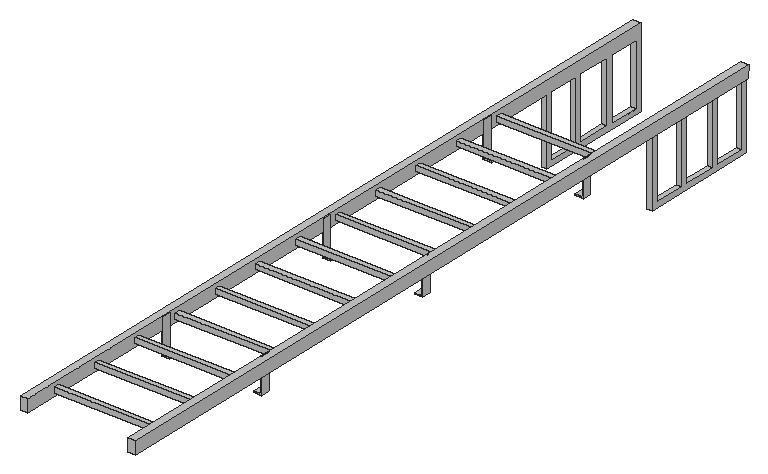
Revit family "cbc4e2c1-9cd4-4468-acf4-dc7168def20e", category Generic Models, Revit 2012
Parameters (values of type "24"" Wide")
  offset [instance] = 0' - 0"
  makewallbracket [instance] = calcnumwallbracket  # 3
  makerung [instance] = calcnumrung  # 12
  calcnumwallbracket [instance] = (Accomodation Height_Level to Level - Top Level to Ladder Wall Bracket CL) / Wall Bracket Spacing  # 2.9167
  calcnumrung [instance] = (Accomodation Height_Level to Level) / 1' 0"  # 12
  Warranty Duration (Years) = 0
  Wall Bracket Spacing [instance] = 4' - 0"
  Unit Width = 2' - 0"
  Unit Height [instance] = Accomodation Height_Level to Level + 3' 6"  # 15' - 6"
  URL = "http://www.aclindustries.com/"
  Top Level to Ladder Wall Bracket CL [instance] = 0' - 4"
  Standards Conformance = "OSHA and ANSI A14.3"
  Specification = ""
  SpecWizard = ""
  Send Message = "http://www.arcat.com/users.pl?action=UserEmail&company=UPNOVR,+Inc.&coid=47852&rep=116&fax=&mf="
  Sales Information = "http://www.aclindustries.com/contact-us.html"
  Rung Spacing [instance] = 1' - 0"
  Revision = "R1_04-2013"
  Projection from Host [instance] = 0' - 7"
  Product Properties = ""
  Product Data = "http://www.arcat.com/arcatcos/cos47/arc47852.html"
  Model = "U-201"
  Manufacturer Website = "http://www.aclindustries.com/"
  Manufacturer Phone - Toll Free = ""
  Manufacturer Phone = "603-625-8639"
  Manufacturer Fax = ""
  Manufacturer Address = "3 Crane Way Hooksett, NH 03106"
  Manufacturer = "UPNOVR, Inc."
  Maintenance Schedule (Months) = 0
  Frame Material = Metal - UPNOVR - 6061-T6 Aluminum
  Frame Finish [instance] = Finish - UPNOVR - Mill
  Bottom Level to Ladder Stringer [instance] = 0' - 3"
  Keynote = "05510"
  Installation-Fabrication = ""
  Installation Phase = ""
  Green Building-LEED = "http://www.arcat.com/green/clients/leed_data_47852.html"
  Expected Lifespan (Years) = 0
  Drawn By = "Sumex Design, Inc. / Robert S. Weygant, CSI, CDT, SCIP"
  Description = "UPNOVR U-201 Roof Access Vertical Aluminum Ladder"
  Default Elevation = 4' - 0"
  Copyright = "©Arcat Inc."
  Construction Details = ""
  Capacity = "1000 lbs per rung"
  Bottom Level to First Rung Height [instance] = 1' - 0"
  Assembly Code = "E1090900"
  Accomodation Height_Level to Level [instance] = 12' - 0"
  Access Width [instance] = 2' - 0"
Types (3): name | Unit Width | Access Width
  24"" Wide | 2' - 0" | 2' - 0"
  18"" Wide Gooseneck | 1' - 6" | 2' - 0"
  18"" Wide | 1' - 6" | 1' - 6"
Reference planes (in)
  plane 1 "Center Elevation": y = 70
  plane 2 "Bottom": z = 0
  plane 3 "Center (Left/Right)": x = 0
  plane 4 "Bottom of Ladder": y = -20
  plane 5 "Top of Ladder": y = 163
  plane 6 "Left": x = -12
  plane 7 "Right": x = 12
  plane 8 "Top": z = 7
  plane 9 "Bottom Level": y = -23
  plane 10: y = 121
  plane 11: y = 117
  plane 12: z = 8.375
  plane 13: y = -11
  plane 14: x = -12
  plane 15: x = 12
  plane 16: y = 125
  plane 17: y = 128
  plane 18: z = -10.5
  plane 19: z = 8.5
  plane 20: y = 135
  plane 21: y = 144.33333
  plane 22: y = 153.66667
  plane 23: y = 1
Forms (in)
  Extrusion 1, solid, material "Finish - UPNOVR - Mill" <- "Frame Finish"
    sketch origin (0, 70, 0) x (1, 0, 0) y (0, 0, 1)
      loop
        line (-12, 8.5) -> (-13.75, 8.5) -> (-13.75, 5.5) -> (-12, 5.5) -> (-12, 8.5)
      loop
        line (12, 8.5) -> (12, 5.5) -> (13.75, 5.5) -> (13.75, 8.5) -> (12, 8.5)
    from -51 to 90
  Sweep 2, solid, material "Finish - UPNOVR - Mill" <- "Frame Finish"
    path origin (-43.59721, -180, 7) x (-1, 0, 0) y (0, -1, 0)
      loop
        line (-31.59721, -301) -> (-31.59721, -302) -> (-31.59721, -308) -> (-31.59721, -343)
    profile origin (-12, 121.5, 7) x (-1, 0, 0) y (0, 0, 1)
      loop
        line (0, 1.5) -> (0, -1.5) -> (1.75, -1.5) -> (1.75, 1.5) -> (0, 1.5)
  Sweep 3, solid, material "Finish - UPNOVR - Mill" <- "Frame Finish"
    path origin (43.59721, -180, 7) x (1, 0, 0) y (0, 1, 0)
      loop
        line (-31.59721, 301) -> (-31.59721, 302) -> (-31.59721, 308) -> (-31.59721, 343)
    profile origin (12, 121.5, 7) x (-1, 0, 0) y (0, 0, 1)
      loop
        line (0, 1.5) -> (-1.75, 1.5) -> (-1.75, -1.5) -> (0, -1.5) -> (0, 1.5)
  Extrusion 4, solid, material "Finish - UPNOVR - Mill" <- "Frame Finish"
    sketch origin (12, 166.26393, 48) x (0, 1, 0) y (0, 0, 1)
      loop
        line (-3.26393, -42.5) -> (-4.51393, -42.5) -> (-4.51393, -57.25) -> (-11.97227, -57.25) -> (-11.97227, -42.5) -> (-13.22227, -42.5) -> (-13.22227, -57.25) -> (-21.3056, -57.25) -> (-21.3056, -42.5) -> (-22.5556, -42.5) -> (-22.5556, -57.25) -> (-30.01393, -57.25) -> (-30.01393, -42.5) -> (-31.26393, -42.5) -> (-31.26393, -58.5) -> (-3.26393, -58.5) -> (-3.26393, -42.5)
    from 0 to 1.25
  Extrusion 5, solid, material "Finish - UPNOVR - Mill" <- "Frame Finish"
    sketch origin (-12, 166.26393, 48) x (0, 1, 0) y (0, 0, 1)
      loop
        line (-3.26393, -42.5) -> (-4.51393, -42.5) -> (-4.51393, -57.25) -> (-11.97227, -57.25) -> (-11.97227, -42.5) -> (-13.22227, -42.5) -> (-13.22227, -57.25) -> (-21.3056, -57.25) -> (-21.3056, -42.5) -> (-22.5556, -42.5) -> (-22.5556, -57.25) -> (-30.01393, -57.25) -> (-30.01393, -42.5) -> (-31.26393, -42.5) -> (-31.26393, -58.5) -> (-3.26393, -58.5) -> (-3.26393, -42.5)
    from 0 to -1.25
Cuts and joins
  joined: Extrusion 1, Sweep 2, Sweep 3, Extrusion 4, Extrusion 5
Lines and regions (in)
  reference lines
    curve 1: line (-12, 125, 0) -> (-12, 128, 0)
    curve 2: line (12, 125, 0) -> (12, 128, 0)
Dimensions and locks (in)
  equal spacing: plane 6 "Left", plane 3 "Center (Left/Right)", plane 7 "Right"
  "Unit Width": plane 6 "Left" to plane 7 "Right"
  equal spacing: plane 5 "Top of Ladder", plane 1 "Center Elevation", plane 9 "Bottom Level"
  "Projection from Host": plane 8 "Top" to level
  "Bottom Level to Ladder Stringer": plane 4 "Bottom of Ladder" to plane 9 "Bottom Level"
  "Accomodation Height_Level to Level": plane 10 to plane 9 "Bottom Level"
  "Top Level to Ladder Wall Bracket CL": plane 10 to plane 11
  locked: plane 12 to plane 8 "Top" at 1.375
  "Bottom Level to First Rung Height": plane 9 "Bottom Level" to plane 13
  equal spacing: group 1, group 2, group 3  (x2)
  equal spacing: group 3, group 2, group 1
  "Wall Bracket Spacing": nested 2 to plane 11
  locked: plane 5 "Top of Ladder" to plane 10 at 42
  equal spacing: plane 14, plane 3 "Center (Left/Right)", plane 15
  "Access Width": plane 14 to plane 15
  plane 17 to plane 16 to plane 10 = 0' - 3" locked, 0' - 4" locked
  locked: plane 6 "Left" to Extrusion 1 sketch curve at 1.75
  locked: Extrusion 1 sketch curve to plane 7 "Right" at 1.75
  locked: plane 19 to plane 8 "Top" at 1.5
  locked: plane 18 to plane 19 at 19
  locked: Extrusion 4 sketch curve to plane 19 at 3  (x3)
  locked: plane 19 to Extrusion 4 sketch curve at 3
  locked: plane 20 to plane 5 "Top of Ladder" at 28
  equal spacing: plane 20, plane 21, plane 22, plane 5 "Top of Ladder"
  locked: plane 20 to Extrusion 4 sketch curve at 1.25
  Extrusion 4 sketch curve to plane 21 to Extrusion 4 sketch curve = 0' - 0 5/8" locked, 0' - 0 5/8" locked
  Extrusion 4 sketch curve to plane 22 to Extrusion 4 sketch curve = 0' - 0 5/8" locked, 0' - 0 5/8" locked
  locked: Extrusion 4 sketch curve to plane 5 "Top of Ladder" at 1.25
  locked: Extrusion 4 sketch curve to plane 18 at 1.25  (x3)
  locked: plane 20 to Extrusion 5 sketch curve at 1.25
  Extrusion 5 sketch curve to plane 21 to Extrusion 5 sketch curve = 0' - 0 5/8" locked, 0' - 0 5/8" locked
  Extrusion 5 sketch curve to plane 22 to Extrusion 5 sketch curve = 0' - 0 5/8" locked, 0' - 0 5/8" locked
  locked: Extrusion 5 sketch curve to plane 5 "Top of Ladder" at 1.25
  locked: Extrusion 5 sketch curve to plane 19 at 3  (x4)
  locked: Extrusion 5 sketch curve to plane 18 at 1.25  (x3)
  "Rung Spacing": plane 13 to plane 23
  equal spacing: group 4, group 5, group 6, group 7, group 8, group 9, group 10, group 11, group 12, group 13, group 14, group 15  (x3)
  aligned and locked: Extrusion 1 to plane 4 "Bottom of Ladder"
  aligned and locked: nested 1 to plane 11
  aligned and locked: plane 3 "Center (Left/Right)" to nested 1
  aligned and locked: plane 10 to Extrusion 1
  aligned and locked: plane 7 "Right" to curve 2
  aligned and locked: plane 16 to curve 2
  aligned and locked: plane 6 "Left" to curve 1
  aligned and locked: plane 16 to curve 1
  aligned and locked: plane 6 "Left" to Sweep 2 sketch curve
  aligned and locked: Sweep 2 sketch curve to curve 1
  aligned and locked: plane 14 to Sweep 2 sketch curve
  aligned and locked: plane 7 "Right" to Sweep 3 sketch curve
  aligned and locked: Sweep 3 sketch curve to curve 2
  aligned and locked: plane 15 to Sweep 3 sketch curve
  aligned and locked: Extrusion 1 sketch curve to plane 6 "Left"
  aligned and locked: Extrusion 1 sketch curve to plane 7 "Right"
  aligned and locked: Extrusion 4 sketch curve to plane 20
  aligned and locked: plane 18 to Extrusion 4 sketch curve
  aligned and locked: plane 20 to Extrusion 5 sketch curve
  aligned and locked: plane 5 "Top of Ladder" to Extrusion 5 sketch curve
  aligned and locked: Extrusion 5 sketch curve to plane 18
  aligned and locked: plane 13 to nested 4
  aligned and locked: nested 5 to plane 23
  aligned and locked: plane 8 "Top" to nested 5
  aligned and locked: plane 3 "Center (Left/Right)" to nested 4
  aligned and locked: plane 3 "Center (Left/Right)" to nested 5
  aligned and locked: plane 8 "Top" to nested 4
Automatic sketch dimensions
  curve 1 to plane 14 = 0' - 0"
  curve 2 to plane 15 = 0' - 0"
  curve 2 to plane 17 = 0' - 0"
  curve 1 to plane 17 = 0' - 0"
  Extrusion 1 sketch curve to plane 19 = 0' - 0"  (x2)
  Extrusion 1 sketch curve to plane 8 "Top" = 0' - 1 1/2"  (x2)
  Sweep 2 sketch curve to plane 5 "Top of Ladder" = 0' - 0"
  Sweep 2 sketch curve to plane 10 = 0' - 0"
  Sweep 2 sketch curve to profile plane = 0' - 0"
  Sweep 2 sketch curve to Sweep 2 sketch curve = 0' - 1 3/4"
  Sweep 2 sketch curve to plane 8 "Top" = 0' - 1 1/2"
  plane 8 "Top" to Sweep 2 sketch curve = 0' - 1 1/2"
  Sweep 3 sketch curve to plane 10 = 0' - 0"
  Sweep 3 sketch curve to plane 5 "Top of Ladder" = 0' - 0"
  Sweep 3 sketch curve to profile plane = 0' - 0"
  profile plane to Sweep 3 sketch curve = 0' - 1 3/4"
  Sweep 3 sketch curve to plane 8 "Top" = 0' - 1 1/2"
  plane 8 "Top" to Sweep 3 sketch curve = 0' - 1 1/2"
  Extrusion 4 sketch curve to plane 5 "Top of Ladder" = 0' - 0"
Nested families (in)
  nested 1: "Wall Bracket" at (0, 117, 0), width <- "Unit Width", finish <- "Frame Finish", projection <- "Projection from Host", type "Wall Bracket"
    with width 2' - 0", projection 0' - 7", finish Finish - UPNOVR - Mill
  nested 2: "Wall Bracket" at (0, 69, 0), width <- "Unit Width", finish <- "Frame Finish", projection <- "Projection from Host", type "Wall Bracket"
    with width 2' - 0", projection 0' - 7", finish Finish - UPNOVR - Mill
  nested 3: "Wall Bracket" at (0, 21, 0), width <- "Unit Width", finish <- "Frame Finish", projection <- "Projection from Host", type "Wall Bracket"
    with width 2' - 0", projection 0' - 7", finish Finish - UPNOVR - Mill
  nested 4: "Rung" at (0, -11, 7), width <- "Unit Width", finish <- "Frame Finish", type "Rung"
    with width 2' - 0", finish Finish - UPNOVR - Mill
  nested 5: "Rung" at (0, 1, 7), width <- "Unit Width", finish <- "Frame Finish", type "Rung"
    with width 2' - 0", finish Finish - UPNOVR - Mill
  nested 6: "Rung" at (0, 13, 7), width <- "Unit Width", finish <- "Frame Finish", type "Rung"
    with width 2' - 0", finish Finish - UPNOVR - Mill
  nested 7: "Rung" at (0, 25, 7), width <- "Unit Width", finish <- "Frame Finish", type "Rung"
    with width 2' - 0", finish Finish - UPNOVR - Mill
  nested 8: "Rung" at (0, 37, 7), width <- "Unit Width", finish <- "Frame Finish", type "Rung"
    with width 2' - 0", finish Finish - UPNOVR - Mill
  nested 9: "Rung" at (0, 49, 7), width <- "Unit Width", finish <- "Frame Finish", type "Rung"
    with width 2' - 0", finish Finish - UPNOVR - Mill
  nested 10: "Rung" at (0, 61, 7), width <- "Unit Width", finish <- "Frame Finish", type "Rung"
    with width 2' - 0", finish Finish - UPNOVR - Mill
  nested 11: "Rung" at (0, 73, 7), width <- "Unit Width", finish <- "Frame Finish", type "Rung"
    with width 2' - 0", finish Finish - UPNOVR - Mill
  nested 12: "Rung" at (0, 85, 7), width <- "Unit Width", finish <- "Frame Finish", type "Rung"
    with width 2' - 0", finish Finish - UPNOVR - Mill
  nested 13: "Rung" at (0, 97, 7), width <- "Unit Width", finish <- "Frame Finish", type "Rung"
    with width 2' - 0", finish Finish - UPNOVR - Mill
  nested 14: "Rung" at (0, 109, 7), width <- "Unit Width", finish <- "Frame Finish", type "Rung"
    with width 2' - 0", finish Finish - UPNOVR - Mill
  nested 15: "Rung" at (0, 121, 7), width <- "Unit Width", finish <- "Frame Finish", type "Rung"
    with width 2' - 0", finish Finish - UPNOVR - Mill
Definition of nested family "Wall Bracket"
  Parameters
    width [instance] = 1' - 4"
    projection [instance] = 0' - 8.62102"
    finish [instance] = none
  Reference planes (in)
    plane 1 "Center (Front/Back)": y = 0
    plane 2: z = 0
    plane 3 "Center (Left/Right)": x = 0
    plane 4: x = -8
    plane 5: x = 8
    plane 6: z = 8.62102
    plane 7: z = 9.99602
  Forms (in)
    Extrusion 1, solid, material <- "finish"
      sketch origin (0, 0, 0) x (1, 0, 0) y (0, 0, 1)
        loop
          line (-8, 9.99602) -> (-8, 0) -> (-6, 0) -> (-6, 0.25) -> (-7.75, 0.25) -> (-7.75, 9.99602) -> (-8, 9.99602)
        loop
          line (8, 9.99602) -> (7.75, 9.99602) -> (7.75, 0.25) -> (6, 0.25) -> (6, 0) -> (8, 0) -> (8, 9.99602)
      from 1 to -1
  Dimensions and locks (in)
    equal spacing: plane 5, plane 3 "Center (Left/Right)", plane 4
    "width": plane 5 to plane 4
    Extrusion 1 sketch curve to Extrusion 1 sketch curve to Extrusion 1 sketch curve = 0' - 1 3/4" locked, 0' - 0 1/4" locked
    Extrusion 1 sketch curve to Extrusion 1 sketch curve to Extrusion 1 sketch curve = 0' - 0 1/4" locked, 0' - 1 3/4" locked
    plane 7 to plane 6 = 0' - 1 3/8"
    "projection": plane 6 to level
    aligned and locked: Extrusion 1 sketch curve to plane 5
    aligned and locked: Extrusion 1 sketch curve to plane 4
    aligned and locked: plane 7 to Extrusion 1 sketch curve
    aligned and locked: Extrusion 1 sketch curve to plane 7
  Automatic sketch dimensions
    Extrusion 1 sketch curve to level = 0' - 0"  (x2)
    Extrusion 1 sketch curve to Extrusion 1 sketch curve = 0' - 0 1/4"  (x2)
Definition of nested family "Rung"
  Parameters
    width [instance] = 2' - 0"
    finish [instance] = none
    Default Elevation = 4' - 0"
  Reference planes (in)
    plane 1 "Center (Front/Back)": y = 0
    plane 2: z = 0
    plane 3 "Center (Left/Right)": x = 0
    plane 4: x = -12
    plane 5: x = 12
  Forms (in)
    Extrusion 1, solid, material <- "finish"
      sketch origin (0, 0, 0) x (0, 1, 0) y (0, 0, 1)
        loop
          line (0, 0.625) -> (-1.25, 0.625) -> (-1.25, -0.625) -> (0, -0.625) -> (0, 0.625)
      from -12 to 12
  Dimensions and locks (in)
    equal spacing: plane 4, plane 3 "Center (Left/Right)", plane 5
    "width": plane 4 to plane 5
    aligned and locked: plane 5 to Extrusion 1
    aligned and locked: Extrusion 1 to plane 4
  Automatic sketch dimensions
    plane 1 "Center (Front/Back)" to Extrusion 1 sketch curve = 0' - 1 1/4"
    Extrusion 1 sketch curve to level = 0' - 0 5/8"
    Extrusion 1 sketch curve to plane 1 "Center (Front/Back)" = 0' - 0"
    Extrusion 1 sketch curve to Extrusion 1 sketch curve = 0' - 1 1/4"
